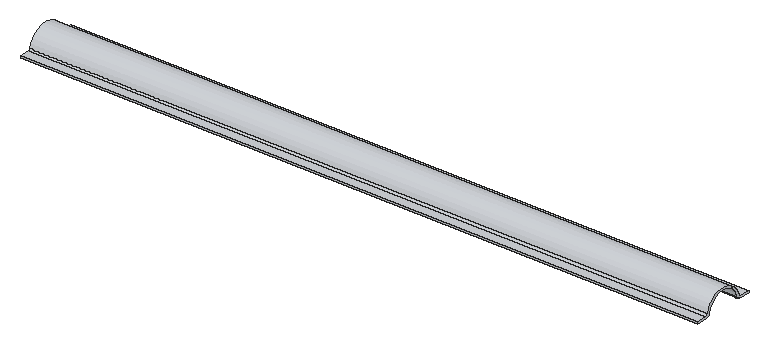
Revit family "custom-profile", category Skelettbau, Revit 2024
Family settings
  Querschnittsform = Kreuzform
  Material für Modellverhalten = Sonstige
  Immer als Geometrie exportieren = Nein
  OmniClass-Nummer = 23.25.30.11.14.14
  OmniClass-Titel = Beams
  Immer vertikal = Ja
  Beim Laden mit Abzugskörper schneiden = Nein
  Symboldarstellung = Aus Familie
  Gemeinsam genutzt = Nein
  Schnittebene der Familie für Draufsichten verwenden = Ja
Parameters
  Schwerpunkt vertikal = 40.0 cm
  Schwerpunkt horizontal = 60.0 cm
  Nominelle Wandstärke = 0.2 cm
  Länge unterer Flansch = 0.2 cm
  built-in parameter 1005561 = 0.098425 (stored number, unit not read)
  Length [instance] = 3000 mm
  Lippenlänge = 20.0 cm
  Höhe Ausklinkung = 2,0 cm
  Höhe = 10.0 cm
  Breite = 70.0 cm
  Biegungslänge oben = 3.0 cm
  Biegungslänge Mitte = 2.0 cm
  Biegungsbreite = 5.0 cm
  Abrundung innen = 0.2 cm
Reference planes
  plane 1 "Mitte (Vorne/hinten)": y = 0
  plane 2 "Mitte - Ansicht": z = 0
  plane 3 "Mitte (Links/rechts)": x = 0
  plane 4 "Links": x = -1500
  plane 5 "Linkes Mitglied": x = -1250
  plane 6 "Linkes Einfügesymbol": x = -1000
  plane 7 "Rechts": x = 1500
  plane 8 "Rechtes Mitglied": x = 1250
  plane 9 "Rechtes Einfügesymbol": x = 1000
Forms (mm)
  Extrusion 1, solid
    sketch origin (1500, 0, 0) x (0, -1, 0) y (0, 0, 1)
      loop
        line (140, 13) -> (93.675, 13)
        arc (93.675, 13) -> (88.675, 14.755) -> (85.869, 19.25) r 8
        arc (85.869, 19.25) -> (0, 88) -> (-85.869, 19.25) r 88
        arc (-85.869, 19.25) -> (-88.675, 14.755) -> (-93.675, 13) r 8
        line (-93.675, 13) -> (-140, 13) -> (-140, 5) -> (-93.675, 5)
        arc (-93.675, 5) -> (-83.675, 8.51) -> (-78.062, 17.5) r 16
        arc (-78.062, 17.5) -> (0, 80) -> (78.062, 17.5) r 80
        arc (78.062, 17.5) -> (83.675, 8.51) -> (93.675, 5) r 16
        line (93.675, 5) -> (140, 5) -> (140, 13)
    from 0 to 3000
Lines and regions (mm)
  model lines, style "Einfügesymbole", detail levels coarse
    curve 1: line (-1000, 0, 0) -> (1000, 0, 0)
Dimensions and locks
  equal spacing: plane 4 "Links", plane 3 "Mitte (Links/rechts)", plane 7 "Rechts"
  "Length": plane 4 "Links" to plane 7 "Rechts"
  aligned and locked: plane 1 "Mitte (Vorne/hinten)" to curve 1
  aligned and locked: plane 6 "Linkes Einfügesymbol" to curve 1
  aligned and locked: plane 9 "Rechtes Einfügesymbol" to curve 1
  aligned and locked: level to plane 2 "Mitte - Ansicht"
  aligned and locked: plane 4 "Links" to Extrusion 1
  aligned and locked: Extrusion 1 to plane 7 "Rechts"
Automatic sketch dimensions
  level to Extrusion 1 sketch curve = 5 mm
  plane 1 "Mitte (Vorne/hinten)" to Extrusion 1 sketch curve = 93.675 mm
  Extrusion 1 sketch curve to Extrusion 1 sketch curve = 16 mm
  Extrusion 1 sketch curve to Extrusion 1 sketch curve = 15.612 mm  (x2)
  Extrusion 1 sketch curve to Extrusion 1 sketch curve = 0 mm  (x6)
  Extrusion 1 sketch curve to Extrusion 1 sketch curve = 46.325 mm  (x2)
  Extrusion 1 sketch curve to Extrusion 1 sketch curve = 8 mm  (x2)
  Extrusion 1 sketch curve to level = 0 mm
  level to Extrusion 1 sketch curve = 17.5 mm
  Extrusion 1 sketch curve to plane 1 "Mitte (Vorne/hinten)" = 78.062 mm
  Extrusion 1 sketch curve to Extrusion 1 sketch curve = 7.806 mm  (x2)
